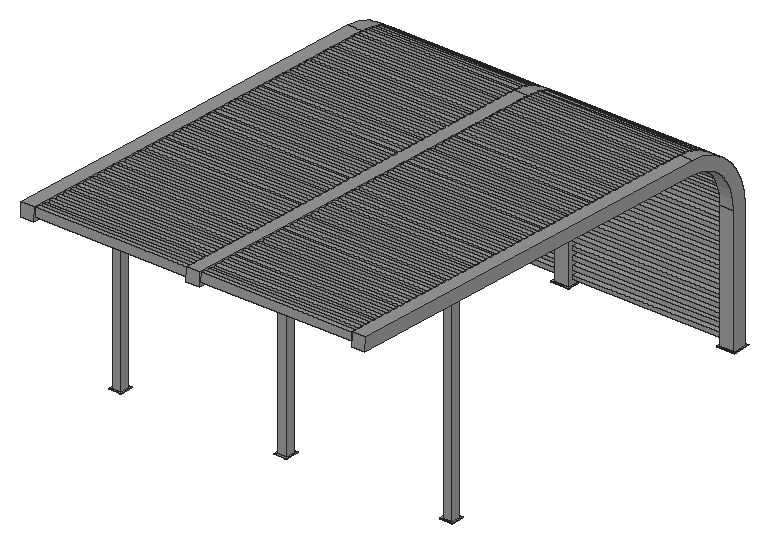
Revit family "55330 Пергола «Гарда» Хоббика", category Антураж, Revit 2018
Family settings
  На основе рабочей плоскости = Нет
  Всегда вертикально = Да
  При загрузке вырезать с полостями = Нет
  Источник визуального образа = Геометрия семейства
  Общий = Нет
  Точка расчета площади = Нет
Parameters (values of type "Версия Лиственница")
  Ширина = 5500 mm  # constant formula
  Цвет отделки = Лиственница
  Цвет каркаса = Сталь
  Описание = if(Версия Сосна, "Пергола «Гарда» Версия Сосна", "Пергола «Гарда» Версия Лиственница")  # "Пергола «Гарда» Версия Лиственница"
  Материал изделия = "Сталь, дерево"  # constant formula
  Изображение типоразмера = Пергола «Гарда» Арт 55330.jpg
  Изготовитель = "ООО «Хоббика»"  # constant formula
  Длина = 4000 mm  # constant formula
  Группа модели = "Перголы"  # constant formula
  Высота = 2500 mm  # constant formula
  Версия Сосна = no
  Версия Лиственница = not(Версия Сосна)  # yes
  Артикул товара = "Арт. 55330"  # constant formula
  URL = "https://hobbyka.ru/product/pergola_garda/"
Types (3, lengths in mm): name | Цвет отделки | Описание | Версия Сосна | Версия Лиственница
  (no name) | Лиственница | "Пергола «Гарда» Версия Лиственница" | no | yes
  Версия Сосна | Сосна | "Пергола «Гарда» Версия Сосна" | yes | no
  Версия Лиственница | Лиственница | "Пергола «Гарда» Версия Лиственница" | no | yes
Reference planes
  plane 1 "По центру (Вперед/Назад)": y = 0
  plane 2: z = 0
  plane 3 "По центру (Влево/Вправо)": x = 0
  plane 4: x = 4000
  plane 5: y = 5500
  plane 6: z = 2500
Forms (mm)
  Extrusion 1, solid, material "Сталь"
    sketch origin (0, 0, 0) x (0, 1, 0) y (0, 0, 1)
      loop
        line (5500, 0) -> (5500, 1466.82)
        arc (5500, 1466.82) -> (5284.419, 2007.178) -> (4756.084, 2250.744) r 785
        line (4756.084, 2250.744) -> (7.85, 2499.589) -> (0, 2349.794) -> (4748.233, 2100.95)
        arc (4748.233, 2100.95) -> (5175.613, 1903.925) -> (5350, 1466.82) r 635
        line (5350, 1466.82) -> (5350, 0) -> (5500, 0)
    from 0 to 160
  Extrusion 2, solid, material "Сталь"
    sketch origin (0, 0, 0) x (0, 1, 0) y (0, 0, 1)
      loop
        line (5500, 0) -> (5500, 1466.82)
        arc (5500, 1466.82) -> (5284.419, 2007.178) -> (4756.084, 2250.744) r 785
        line (4756.084, 2250.744) -> (7.85, 2499.589) -> (0, 2349.794) -> (4748.233, 2100.95)
        arc (4748.233, 2100.95) -> (5175.613, 1903.925) -> (5350, 1466.82) r 635
        line (5350, 1466.82) -> (5350, 0) -> (5500, 0)
    from 3840 to 4000
  Extrusion 3, solid, material "Сталь"
    sketch origin (0, 0, 0) x (0, 1, 0) y (0, 0, 1)
      loop
        line (5500, 0) -> (5500, 1466.82)
        arc (5500, 1466.82) -> (5284.419, 2007.178) -> (4756.084, 2250.744) r 785
        line (4756.084, 2250.744) -> (7.85, 2499.589) -> (0, 2349.794) -> (4748.233, 2100.95)
        arc (4748.233, 2100.95) -> (5175.613, 1903.925) -> (5350, 1466.82) r 635
        line (5350, 1466.82) -> (5350, 0) -> (5500, 0)
    from 1920 to 2080
  Extrusion 4, solid, material "Сталь" <- "Цвет каркаса"
    sketch origin (0, 0, 0) x (1, 0, 0) y (0, 1, 0)
      loop
        line (-25, 5525) -> (-25, 5325) -> (185, 5325) -> (185, 5525) -> (-25, 5525)
      loop
        line (1895, 5525) -> (1895, 5325) -> (2105, 5325) -> (2105, 5525) -> (1895, 5525)
      loop
        line (3815, 5525) -> (3815, 5325) -> (4025, 5325) -> (4025, 5525) -> (3815, 5525)
      loop
        line (5, 1425) -> (5, 1275) -> (155, 1275) -> (155, 1425) -> (5, 1425)
      loop
        line (1925, 1425) -> (1925, 1275) -> (2075, 1275) -> (2075, 1425) -> (1925, 1425)
      loop
        line (3845, 1425) -> (3845, 1275) -> (3995, 1275) -> (3995, 1425) -> (3845, 1425)
    from 0 to 5
  Extrusion 5, solid, material "Сталь"
    sketch origin (0, -710, 0) x (1, 0, 0) y (0, 1, 0)
      loop
        line (30, 2110) -> (30, 2010) -> (130, 2010) -> (130, 2110) -> (30, 2110)
      loop
        line (1950, 2110) -> (1950, 2010) -> (2050, 2010) -> (2050, 2110) -> (1950, 2110)
      loop
        line (3870, 2110) -> (3870, 2010) -> (3970, 2010) -> (3970, 2110) -> (3870, 2110)
    from 0 to 2330.228
  Extrusion 6, solid, material "Лиственница" <- "Цвет отделки"
    sketch origin (0, 0, 0) x (0, 1, 0) y (0, 0, 1)
      loop
        line (4756.084, 2250.744) -> (4706.152, 2253.361) -> (4700.919, 2153.498) -> (4750.85, 2150.881) -> (4756.084, 2250.744)
      loop
        arc (4855.344, 2239.173) -> (4830.68, 2243.25) -> (4805.898, 2246.54) r 785
        line (4805.898, 2246.54) -> (4794.319, 2147.212)
        arc (4794.319, 2147.212) -> (4815.943, 2144.342) -> (4837.466, 2140.784) r 685
        line (4837.466, 2140.784) -> (4855.344, 2239.173)
      loop
        line (5500, 1358.792) -> (5500, 1408.792) -> (5400, 1408.792) -> (5400, 1358.792) -> (5500, 1358.792)
      loop
        line (4656.221, 2255.978) -> (4606.289, 2258.595) -> (4601.056, 2158.732) -> (4650.987, 2156.115) -> (4656.221, 2255.978)
      loop
        line (4556.358, 2261.211) -> (4506.426, 2263.828) -> (4501.193, 2163.965) -> (4551.124, 2161.348) -> (4556.358, 2261.211)
      loop
        line (4456.495, 2266.445) -> (4406.563, 2269.062) -> (4401.33, 2169.199) -> (4451.261, 2166.582) -> (4456.495, 2266.445)
      loop
        line (4356.632, 2271.679) -> (4306.7, 2274.295) -> (4301.467, 2174.432) -> (4351.398, 2171.816) -> (4356.632, 2271.679)
      loop
        line (4256.769, 2276.912) -> (4206.837, 2279.529) -> (4201.604, 2179.666) -> (4251.535, 2177.049) -> (4256.769, 2276.912)
      loop
        line (4156.906, 2282.146) -> (4106.975, 2284.763) -> (4101.741, 2184.9) -> (4151.672, 2182.283) -> (4156.906, 2282.146)
      loop
        line (4057.043, 2287.379) -> (4007.112, 2289.996) -> (4001.878, 2190.133) -> (4051.809, 2187.516) -> (4057.043, 2287.379)
      loop
        line (3957.18, 2292.613) -> (3907.249, 2295.23) -> (3902.015, 2195.367) -> (3951.947, 2192.75) -> (3957.18, 2292.613)
      loop
        line (3857.317, 2297.847) -> (3807.386, 2300.463) -> (3802.152, 2200.6) -> (3852.084, 2197.984) -> (3857.317, 2297.847)
      loop
        line (3757.454, 2303.08) -> (3707.523, 2305.697) -> (3702.289, 2205.834) -> (3752.221, 2203.217) -> (3757.454, 2303.08)
      loop
        line (3657.591, 2308.314) -> (3607.66, 2310.931) -> (3602.426, 2211.068) -> (3652.358, 2208.451) -> (3657.591, 2308.314)
      loop
        line (3557.728, 2313.547) -> (3507.797, 2316.164) -> (3502.563, 2216.301) -> (3552.495, 2213.684) -> (3557.728, 2313.547)
      loop
        line (3457.865, 2318.781) -> (3407.934, 2321.398) -> (3402.7, 2221.535) -> (3452.632, 2218.918) -> (3457.865, 2318.781)
      loop
        line (3358.002, 2324.015) -> (3308.071, 2326.631) -> (3302.837, 2226.768) -> (3352.769, 2224.152) -> (3358.002, 2324.015)
      loop
        line (3258.139, 2329.248) -> (3208.208, 2331.865) -> (3202.974, 2232.002) -> (3252.906, 2229.385) -> (3258.139, 2329.248)
      loop
        line (3158.276, 2334.482) -> (3108.345, 2337.099) -> (3103.111, 2237.236) -> (3153.043, 2234.619) -> (3158.276, 2334.482)
      loop
        line (3058.414, 2339.715) -> (3008.482, 2342.332) -> (3003.248, 2242.469) -> (3053.18, 2239.852) -> (3058.414, 2339.715)
      loop
        line (2958.551, 2344.949) -> (2908.619, 2347.566) -> (2903.385, 2247.703) -> (2953.317, 2245.086) -> (2958.551, 2344.949)
      loop
        line (2858.688, 2350.183) -> (2808.756, 2352.799) -> (2803.523, 2252.936) -> (2853.454, 2250.32) -> (2858.688, 2350.183)
      loop
        line (2758.825, 2355.416) -> (2708.893, 2358.033) -> (2703.66, 2258.17) -> (2753.591, 2255.553) -> (2758.825, 2355.416)
      loop
        line (2658.962, 2360.65) -> (2609.03, 2363.267) -> (2603.797, 2263.404) -> (2653.728, 2260.787) -> (2658.962, 2360.65)
      loop
        line (2559.099, 2365.883) -> (2509.167, 2368.5) -> (2503.934, 2268.637) -> (2553.865, 2266.02) -> (2559.099, 2365.883)
      loop
        line (2459.236, 2371.117) -> (2409.304, 2373.734) -> (2404.071, 2273.871) -> (2454.002, 2271.254) -> (2459.236, 2371.117)
      loop
        line (2359.373, 2376.351) -> (2309.441, 2378.967) -> (2304.208, 2279.104) -> (2354.139, 2276.488) -> (2359.373, 2376.351)
      loop
        line (2259.51, 2381.584) -> (2209.578, 2384.201) -> (2204.345, 2284.338) -> (2254.276, 2281.721) -> (2259.51, 2381.584)
      loop
        line (2159.647, 2386.818) -> (2109.715, 2389.434) -> (2104.482, 2289.572) -> (2154.413, 2286.955) -> (2159.647, 2386.818)
      loop
        line (2059.784, 2392.051) -> (2009.853, 2394.668) -> (2004.619, 2294.805) -> (2054.55, 2292.188) -> (2059.784, 2392.051)
      loop
        line (1959.921, 2397.285) -> (1909.99, 2399.902) -> (1904.756, 2300.039) -> (1954.687, 2297.422) -> (1959.921, 2397.285)
      loop
        line (1860.058, 2402.518) -> (1810.127, 2405.135) -> (1804.893, 2305.272) -> (1854.824, 2302.656) -> (1860.058, 2402.518)
      loop
        line (1760.195, 2407.752) -> (1710.264, 2410.369) -> (1705.03, 2310.506) -> (1754.962, 2307.889) -> (1760.195, 2407.752)
      loop
        line (1660.332, 2412.986) -> (1610.401, 2415.602) -> (1605.167, 2315.74) -> (1655.099, 2313.123) -> (1660.332, 2412.986)
      loop
        line (1560.469, 2418.219) -> (1510.538, 2420.836) -> (1505.304, 2320.973) -> (1555.236, 2318.356) -> (1560.469, 2418.219)
      loop
        line (1460.606, 2423.453) -> (1410.675, 2426.07) -> (1405.441, 2326.207) -> (1455.373, 2323.59) -> (1460.606, 2423.453)
      loop
        line (1360.743, 2428.686) -> (1310.812, 2431.303) -> (1305.578, 2331.44) -> (1355.51, 2328.824) -> (1360.743, 2428.686)
      loop
        line (1260.88, 2433.92) -> (1210.949, 2436.537) -> (1205.715, 2336.674) -> (1255.647, 2334.057) -> (1260.88, 2433.92)
      loop
        line (1161.017, 2439.154) -> (1111.086, 2441.77) -> (1105.852, 2341.908) -> (1155.784, 2339.291) -> (1161.017, 2439.154)
      loop
        line (1061.154, 2444.387) -> (1011.223, 2447.004) -> (1005.989, 2347.141) -> (1055.921, 2344.524) -> (1061.154, 2444.387)
      loop
        line (961.291, 2449.621) -> (911.36, 2452.238) -> (906.126, 2352.375) -> (956.058, 2349.758) -> (961.291, 2449.621)
      loop
        line (861.429, 2454.854) -> (811.497, 2457.471) -> (806.263, 2357.608) -> (856.195, 2354.991) -> (861.429, 2454.854)
      loop
        line (761.566, 2460.088) -> (711.634, 2462.705) -> (706.401, 2362.842) -> (756.332, 2360.225) -> (761.566, 2460.088)
      loop
        line (661.703, 2465.322) -> (611.771, 2467.938) -> (606.538, 2368.075) -> (656.469, 2365.459) -> (661.703, 2465.322)
      loop
        line (561.84, 2470.555) -> (511.908, 2473.172) -> (506.675, 2373.309) -> (556.606, 2370.692) -> (561.84, 2470.555)
      loop
        line (461.977, 2475.789) -> (412.045, 2478.406) -> (406.812, 2378.543) -> (456.743, 2375.926) -> (461.977, 2475.789)
      loop
        line (362.114, 2481.022) -> (312.182, 2483.639) -> (306.949, 2383.776) -> (356.88, 2381.159) -> (362.114, 2481.022)
      loop
        line (262.251, 2486.256) -> (212.319, 2488.873) -> (207.086, 2389.01) -> (257.017, 2386.393) -> (262.251, 2486.256)
      loop
        line (162.388, 2491.49) -> (112.456, 2494.106) -> (107.223, 2394.243) -> (157.154, 2391.627) -> (162.388, 2491.49)
      loop
        line (62.525, 2496.723) -> (12.593, 2499.34) -> (7.36, 2399.477) -> (57.291, 2396.86) -> (62.525, 2496.723)
      loop
        line (5500, 1258.792) -> (5500, 1308.792) -> (5400, 1308.792) -> (5400, 1258.792) -> (5500, 1258.792)
      loop
        line (5500, 1158.792) -> (5500, 1208.792) -> (5400, 1208.792) -> (5400, 1158.792) -> (5500, 1158.792)
      loop
        line (5500, 1058.792) -> (5500, 1108.792) -> (5400, 1108.792) -> (5400, 1058.792) -> (5500, 1058.792)
      loop
        line (5500, 958.792) -> (5500, 1008.792) -> (5400, 1008.792) -> (5400, 958.792) -> (5500, 958.792)
      loop
        line (5500, 858.792) -> (5500, 908.792) -> (5400, 908.792) -> (5400, 858.792) -> (5500, 858.792)
      loop
        line (5500, 758.792) -> (5500, 808.792) -> (5400, 808.792) -> (5400, 758.792) -> (5500, 758.792)
      loop
        line (5500, 658.792) -> (5500, 708.792) -> (5400, 708.792) -> (5400, 658.792) -> (5500, 658.792)
      loop
        line (5500, 558.792) -> (5500, 608.792) -> (5400, 608.792) -> (5400, 558.792) -> (5500, 558.792)
      loop
        line (5500, 458.792) -> (5500, 508.792) -> (5400, 508.792) -> (5400, 458.792) -> (5500, 458.792)
      loop
        line (5500, 358.792) -> (5500, 408.792) -> (5400, 408.792) -> (5400, 358.792) -> (5500, 358.792)
      loop
        line (5500, 258.792) -> (5500, 308.792) -> (5400, 308.792) -> (5400, 258.792) -> (5500, 258.792)
      loop
        line (5500, 158.792) -> (5500, 208.792) -> (5400, 208.792) -> (5400, 158.792) -> (5500, 158.792)
      loop
        line (5500, 58.792) -> (5500, 108.792) -> (5400, 108.792) -> (5400, 58.792) -> (5500, 58.792)
      loop
        arc (4952.33, 2215.084) -> (4928.383, 2222.262) -> (4904.22, 2228.673) r 785
        line (4904.22, 2228.673) -> (4880.116, 2131.622)
        arc (4880.116, 2131.622) -> (4901.201, 2126.027) -> (4922.097, 2119.764) r 685
        line (4922.097, 2119.764) -> (4952.33, 2215.084)
      loop
        arc (5045.469, 2178.87) -> (5022.629, 2189.032) -> (4999.476, 2198.461) r 785
        line (4999.476, 2198.461) -> (4963.237, 2105.258)
        arc (4963.237, 2105.258) -> (4983.44, 2097.03) -> (5003.371, 2088.163) r 685
        line (5003.371, 2088.163) -> (5045.469, 2178.87)
      loop
        arc (5133.253, 2131.116) -> (5111.889, 2144.097) -> (5090.122, 2156.391) r 785
        line (5090.122, 2156.391) -> (5042.336, 2068.548)
        arc (5042.336, 2068.548) -> (5061.33, 2057.82) -> (5079.973, 2046.492) r 685
        line (5079.973, 2046.492) -> (5133.253, 2131.116)
      loop
        arc (5214.259, 2072.597) -> (5194.717, 2088.187) -> (5174.689, 2103.147) r 785
        line (5174.689, 2103.147) -> (5116.129, 2022.086)
        arc (5116.129, 2022.086) -> (5133.607, 2009.032) -> (5150.659, 1995.428) r 685
        line (5150.659, 1995.428) -> (5214.259, 2072.597)
      loop
        arc (5287.174, 2004.26) -> (5269.771, 2022.206) -> (5251.805, 2039.59) r 785
        line (5251.805, 2039.59) -> (5183.422, 1966.625)
        arc (5183.422, 1966.625) -> (5199.1, 1951.457) -> (5214.286, 1935.796) r 685
        line (5214.286, 1935.796) -> (5287.174, 2004.26)
      loop
        arc (5350.817, 1927.214) -> (5335.834, 1947.226) -> (5320.223, 1966.75) r 785
        line (5320.223, 1966.75) -> (5243.124, 1903.065)
        arc (5243.124, 1903.065) -> (5256.747, 1886.027) -> (5269.821, 1868.565) r 685
        line (5269.821, 1868.565) -> (5350.817, 1927.214)
      loop
        arc (5404.155, 1842.706) -> (5391.837, 1864.459) -> (5378.832, 1885.809) r 785
        line (5378.832, 1885.809) -> (5294.267, 1832.435)
        arc (5294.267, 1832.435) -> (5305.615, 1813.805) -> (5316.365, 1794.823) r 685
        line (5316.365, 1794.823) -> (5404.155, 1842.706)
      loop
        arc (5446.325, 1752.107) -> (5436.87, 1775.249) -> (5426.683, 1798.078) r 785
        line (5426.683, 1798.078) -> (5336.023, 1755.88)
        arc (5336.023, 1755.88) -> (5344.912, 1735.959) -> (5353.163, 1715.765) r 685
        line (5353.163, 1715.765) -> (5446.325, 1752.107)
      loop
        arc (5476.643, 1656.885) -> (5470.205, 1681.041) -> (5463.001, 1704.979) r 785
        line (5463.001, 1704.979) -> (5367.714, 1674.64)
        arc (5367.714, 1674.64) -> (5374.001, 1653.751) -> (5379.619, 1632.673) r 685
        line (5379.619, 1632.673) -> (5476.643, 1656.885)
      loop
        arc (5494.618, 1558.582) -> (5491.301, 1583.36) -> (5487.197, 1608.02) r 785
        line (5487.197, 1608.02) -> (5388.828, 1590.033)
        arc (5388.828, 1590.033) -> (5392.409, 1568.514) -> (5395.304, 1546.893) r 685
        line (5395.304, 1546.893) -> (5494.618, 1558.582)
      loop
        arc (5499.959, 1458.793) -> (5499.817, 1483.791) -> (5498.878, 1508.773) r 785
        line (5498.878, 1508.773) -> (5399.021, 1503.428)
        arc (5399.021, 1503.428) -> (5399.84, 1481.629) -> (5399.964, 1459.815) r 685
        line (5399.964, 1459.815) -> (5499.959, 1458.793)
    from 160 to 1920
  Extrusion 7, solid, material "Лиственница" <- "Цвет отделки"
    sketch origin (0, 0, 0) x (0, 1, 0) y (0, 0, 1)
      loop
        line (4756.084, 2250.744) -> (4706.152, 2253.361) -> (4700.919, 2153.498) -> (4750.85, 2150.881) -> (4756.084, 2250.744)
      loop
        arc (4855.344, 2239.173) -> (4830.68, 2243.25) -> (4805.898, 2246.54) r 785
        line (4805.898, 2246.54) -> (4794.319, 2147.212)
        arc (4794.319, 2147.212) -> (4815.943, 2144.342) -> (4837.466, 2140.784) r 685
        line (4837.466, 2140.784) -> (4855.344, 2239.173)
      loop
        line (5500, 1358.792) -> (5500, 1408.792) -> (5400, 1408.792) -> (5400, 1358.792) -> (5500, 1358.792)
      loop
        line (4656.221, 2255.978) -> (4606.289, 2258.595) -> (4601.056, 2158.732) -> (4650.987, 2156.115) -> (4656.221, 2255.978)
      loop
        line (4556.358, 2261.211) -> (4506.426, 2263.828) -> (4501.193, 2163.965) -> (4551.124, 2161.348) -> (4556.358, 2261.211)
      loop
        line (4456.495, 2266.445) -> (4406.563, 2269.062) -> (4401.33, 2169.199) -> (4451.261, 2166.582) -> (4456.495, 2266.445)
      loop
        line (4356.632, 2271.679) -> (4306.7, 2274.295) -> (4301.467, 2174.432) -> (4351.398, 2171.816) -> (4356.632, 2271.679)
      loop
        line (4256.769, 2276.912) -> (4206.837, 2279.529) -> (4201.604, 2179.666) -> (4251.535, 2177.049) -> (4256.769, 2276.912)
      loop
        line (4156.906, 2282.146) -> (4106.975, 2284.763) -> (4101.741, 2184.9) -> (4151.672, 2182.283) -> (4156.906, 2282.146)
      loop
        line (4057.043, 2287.379) -> (4007.112, 2289.996) -> (4001.878, 2190.133) -> (4051.809, 2187.516) -> (4057.043, 2287.379)
      loop
        line (3957.18, 2292.613) -> (3907.249, 2295.23) -> (3902.015, 2195.367) -> (3951.947, 2192.75) -> (3957.18, 2292.613)
      loop
        line (3857.317, 2297.847) -> (3807.386, 2300.463) -> (3802.152, 2200.6) -> (3852.084, 2197.984) -> (3857.317, 2297.847)
      loop
        line (3757.454, 2303.08) -> (3707.523, 2305.697) -> (3702.289, 2205.834) -> (3752.221, 2203.217) -> (3757.454, 2303.08)
      loop
        line (3657.591, 2308.314) -> (3607.66, 2310.931) -> (3602.426, 2211.068) -> (3652.358, 2208.451) -> (3657.591, 2308.314)
      loop
        line (3557.728, 2313.547) -> (3507.797, 2316.164) -> (3502.563, 2216.301) -> (3552.495, 2213.684) -> (3557.728, 2313.547)
      loop
        line (3457.865, 2318.781) -> (3407.934, 2321.398) -> (3402.7, 2221.535) -> (3452.632, 2218.918) -> (3457.865, 2318.781)
      loop
        line (3358.002, 2324.015) -> (3308.071, 2326.631) -> (3302.837, 2226.768) -> (3352.769, 2224.152) -> (3358.002, 2324.015)
      loop
        line (3258.139, 2329.248) -> (3208.208, 2331.865) -> (3202.974, 2232.002) -> (3252.906, 2229.385) -> (3258.139, 2329.248)
      loop
        line (3158.276, 2334.482) -> (3108.345, 2337.099) -> (3103.111, 2237.236) -> (3153.043, 2234.619) -> (3158.276, 2334.482)
      loop
        line (3058.414, 2339.715) -> (3008.482, 2342.332) -> (3003.248, 2242.469) -> (3053.18, 2239.852) -> (3058.414, 2339.715)
      loop
        line (2958.551, 2344.949) -> (2908.619, 2347.566) -> (2903.385, 2247.703) -> (2953.317, 2245.086) -> (2958.551, 2344.949)
      loop
        line (2858.688, 2350.183) -> (2808.756, 2352.799) -> (2803.523, 2252.936) -> (2853.454, 2250.32) -> (2858.688, 2350.183)
      loop
        line (2758.825, 2355.416) -> (2708.893, 2358.033) -> (2703.66, 2258.17) -> (2753.591, 2255.553) -> (2758.825, 2355.416)
      loop
        line (2658.962, 2360.65) -> (2609.03, 2363.267) -> (2603.797, 2263.404) -> (2653.728, 2260.787) -> (2658.962, 2360.65)
      loop
        line (2559.099, 2365.883) -> (2509.167, 2368.5) -> (2503.934, 2268.637) -> (2553.865, 2266.02) -> (2559.099, 2365.883)
      loop
        line (2459.236, 2371.117) -> (2409.304, 2373.734) -> (2404.071, 2273.871) -> (2454.002, 2271.254) -> (2459.236, 2371.117)
      loop
        line (2359.373, 2376.351) -> (2309.441, 2378.967) -> (2304.208, 2279.104) -> (2354.139, 2276.488) -> (2359.373, 2376.351)
      loop
        line (2259.51, 2381.584) -> (2209.578, 2384.201) -> (2204.345, 2284.338) -> (2254.276, 2281.721) -> (2259.51, 2381.584)
      loop
        line (2159.647, 2386.818) -> (2109.715, 2389.434) -> (2104.482, 2289.572) -> (2154.413, 2286.955) -> (2159.647, 2386.818)
      loop
        line (2059.784, 2392.051) -> (2009.853, 2394.668) -> (2004.619, 2294.805) -> (2054.55, 2292.188) -> (2059.784, 2392.051)
      loop
        line (1959.921, 2397.285) -> (1909.99, 2399.902) -> (1904.756, 2300.039) -> (1954.687, 2297.422) -> (1959.921, 2397.285)
      loop
        line (1860.058, 2402.518) -> (1810.127, 2405.135) -> (1804.893, 2305.272) -> (1854.824, 2302.656) -> (1860.058, 2402.518)
      loop
        line (1760.195, 2407.752) -> (1710.264, 2410.369) -> (1705.03, 2310.506) -> (1754.962, 2307.889) -> (1760.195, 2407.752)
      loop
        line (1660.332, 2412.986) -> (1610.401, 2415.602) -> (1605.167, 2315.74) -> (1655.099, 2313.123) -> (1660.332, 2412.986)
      loop
        line (1560.469, 2418.219) -> (1510.538, 2420.836) -> (1505.304, 2320.973) -> (1555.236, 2318.356) -> (1560.469, 2418.219)
      loop
        line (1460.606, 2423.453) -> (1410.675, 2426.07) -> (1405.441, 2326.207) -> (1455.373, 2323.59) -> (1460.606, 2423.453)
      loop
        line (1360.743, 2428.686) -> (1310.812, 2431.303) -> (1305.578, 2331.44) -> (1355.51, 2328.824) -> (1360.743, 2428.686)
      loop
        line (1260.88, 2433.92) -> (1210.949, 2436.537) -> (1205.715, 2336.674) -> (1255.647, 2334.057) -> (1260.88, 2433.92)
      loop
        line (1161.017, 2439.154) -> (1111.086, 2441.77) -> (1105.852, 2341.908) -> (1155.784, 2339.291) -> (1161.017, 2439.154)
      loop
        line (1061.154, 2444.387) -> (1011.223, 2447.004) -> (1005.989, 2347.141) -> (1055.921, 2344.524) -> (1061.154, 2444.387)
      loop
        line (961.291, 2449.621) -> (911.36, 2452.238) -> (906.126, 2352.375) -> (956.058, 2349.758) -> (961.291, 2449.621)
      loop
        line (861.429, 2454.854) -> (811.497, 2457.471) -> (806.263, 2357.608) -> (856.195, 2354.991) -> (861.429, 2454.854)
      loop
        line (761.566, 2460.088) -> (711.634, 2462.705) -> (706.401, 2362.842) -> (756.332, 2360.225) -> (761.566, 2460.088)
      loop
        line (661.703, 2465.322) -> (611.771, 2467.938) -> (606.538, 2368.075) -> (656.469, 2365.459) -> (661.703, 2465.322)
      loop
        line (561.84, 2470.555) -> (511.908, 2473.172) -> (506.675, 2373.309) -> (556.606, 2370.692) -> (561.84, 2470.555)
      loop
        line (461.977, 2475.789) -> (412.045, 2478.406) -> (406.812, 2378.543) -> (456.743, 2375.926) -> (461.977, 2475.789)
      loop
        line (362.114, 2481.022) -> (312.182, 2483.639) -> (306.949, 2383.776) -> (356.88, 2381.159) -> (362.114, 2481.022)
      loop
        line (262.251, 2486.256) -> (212.319, 2488.873) -> (207.086, 2389.01) -> (257.017, 2386.393) -> (262.251, 2486.256)
      loop
        line (162.388, 2491.49) -> (112.456, 2494.106) -> (107.223, 2394.243) -> (157.154, 2391.627) -> (162.388, 2491.49)
      loop
        line (62.525, 2496.723) -> (12.593, 2499.34) -> (7.36, 2399.477) -> (57.291, 2396.86) -> (62.525, 2496.723)
      loop
        line (5500, 1258.792) -> (5500, 1308.792) -> (5400, 1308.792) -> (5400, 1258.792) -> (5500, 1258.792)
      loop
        line (5500, 1158.792) -> (5500, 1208.792) -> (5400, 1208.792) -> (5400, 1158.792) -> (5500, 1158.792)
      loop
        line (5500, 1058.792) -> (5500, 1108.792) -> (5400, 1108.792) -> (5400, 1058.792) -> (5500, 1058.792)
      loop
        line (5500, 958.792) -> (5500, 1008.792) -> (5400, 1008.792) -> (5400, 958.792) -> (5500, 958.792)
      loop
        line (5500, 858.792) -> (5500, 908.792) -> (5400, 908.792) -> (5400, 858.792) -> (5500, 858.792)
      loop
        line (5500, 758.792) -> (5500, 808.792) -> (5400, 808.792) -> (5400, 758.792) -> (5500, 758.792)
      loop
        line (5500, 658.792) -> (5500, 708.792) -> (5400, 708.792) -> (5400, 658.792) -> (5500, 658.792)
      loop
        line (5500, 558.792) -> (5500, 608.792) -> (5400, 608.792) -> (5400, 558.792) -> (5500, 558.792)
      loop
        line (5500, 458.792) -> (5500, 508.792) -> (5400, 508.792) -> (5400, 458.792) -> (5500, 458.792)
      loop
        line (5500, 358.792) -> (5500, 408.792) -> (5400, 408.792) -> (5400, 358.792) -> (5500, 358.792)
      loop
        line (5500, 258.792) -> (5500, 308.792) -> (5400, 308.792) -> (5400, 258.792) -> (5500, 258.792)
      loop
        line (5500, 158.792) -> (5500, 208.792) -> (5400, 208.792) -> (5400, 158.792) -> (5500, 158.792)
      loop
        line (5500, 58.792) -> (5500, 108.792) -> (5400, 108.792) -> (5400, 58.792) -> (5500, 58.792)
      loop
        arc (4952.33, 2215.084) -> (4928.383, 2222.262) -> (4904.22, 2228.673) r 785
        line (4904.22, 2228.673) -> (4880.116, 2131.622)
        arc (4880.116, 2131.622) -> (4901.201, 2126.027) -> (4922.097, 2119.764) r 685
        line (4922.097, 2119.764) -> (4952.33, 2215.084)
      loop
        arc (5045.469, 2178.87) -> (5022.629, 2189.032) -> (4999.476, 2198.461) r 785
        line (4999.476, 2198.461) -> (4963.237, 2105.258)
        arc (4963.237, 2105.258) -> (4983.44, 2097.03) -> (5003.371, 2088.163) r 685
        line (5003.371, 2088.163) -> (5045.469, 2178.87)
      loop
        arc (5133.253, 2131.116) -> (5111.889, 2144.097) -> (5090.122, 2156.391) r 785
        line (5090.122, 2156.391) -> (5042.336, 2068.548)
        arc (5042.336, 2068.548) -> (5061.33, 2057.82) -> (5079.973, 2046.492) r 685
        line (5079.973, 2046.492) -> (5133.253, 2131.116)
      loop
        arc (5214.259, 2072.597) -> (5194.717, 2088.187) -> (5174.689, 2103.147) r 785
        line (5174.689, 2103.147) -> (5116.129, 2022.086)
        arc (5116.129, 2022.086) -> (5133.607, 2009.032) -> (5150.659, 1995.428) r 685
        line (5150.659, 1995.428) -> (5214.259, 2072.597)
      loop
        arc (5287.174, 2004.26) -> (5269.771, 2022.206) -> (5251.805, 2039.59) r 785
        line (5251.805, 2039.59) -> (5183.422, 1966.625)
        arc (5183.422, 1966.625) -> (5199.1, 1951.457) -> (5214.286, 1935.796) r 685
        line (5214.286, 1935.796) -> (5287.174, 2004.26)
      loop
        arc (5350.817, 1927.214) -> (5335.834, 1947.226) -> (5320.223, 1966.75) r 785
        line (5320.223, 1966.75) -> (5243.124, 1903.065)
        arc (5243.124, 1903.065) -> (5256.747, 1886.027) -> (5269.821, 1868.565) r 685
        line (5269.821, 1868.565) -> (5350.817, 1927.214)
      loop
        arc (5404.155, 1842.706) -> (5391.837, 1864.459) -> (5378.832, 1885.809) r 785
        line (5378.832, 1885.809) -> (5294.267, 1832.435)
        arc (5294.267, 1832.435) -> (5305.615, 1813.805) -> (5316.365, 1794.823) r 685
        line (5316.365, 1794.823) -> (5404.155, 1842.706)
      loop
        arc (5446.325, 1752.107) -> (5436.87, 1775.249) -> (5426.683, 1798.078) r 785
        line (5426.683, 1798.078) -> (5336.023, 1755.88)
        arc (5336.023, 1755.88) -> (5344.912, 1735.959) -> (5353.163, 1715.765) r 685
        line (5353.163, 1715.765) -> (5446.325, 1752.107)
      loop
        arc (5476.643, 1656.885) -> (5470.205, 1681.041) -> (5463.001, 1704.979) r 785
        line (5463.001, 1704.979) -> (5367.714, 1674.64)
        arc (5367.714, 1674.64) -> (5374.001, 1653.751) -> (5379.619, 1632.673) r 685
        line (5379.619, 1632.673) -> (5476.643, 1656.885)
      loop
        arc (5494.618, 1558.582) -> (5491.301, 1583.36) -> (5487.197, 1608.02) r 785
        line (5487.197, 1608.02) -> (5388.828, 1590.033)
        arc (5388.828, 1590.033) -> (5392.409, 1568.514) -> (5395.304, 1546.893) r 685
        line (5395.304, 1546.893) -> (5494.618, 1558.582)
      loop
        arc (5499.959, 1458.793) -> (5499.817, 1483.791) -> (5498.878, 1508.773) r 785
        line (5498.878, 1508.773) -> (5399.021, 1503.428)
        arc (5399.021, 1503.428) -> (5399.84, 1481.629) -> (5399.964, 1459.815) r 685
        line (5399.964, 1459.815) -> (5499.959, 1458.793)
    from 2080 to 3840
Cuts and joins
  joined: Extrusion 1, Extrusion 2, Extrusion 3, Extrusion 5
Dimensions and locks
  "Длина": plane 4 to plane 3 "По центру (Влево/Вправо)"
  "Ширина": plane 5 to plane 1 "По центру (Вперед/Назад)"
  "Высота": plane 6 to plane 2
  aligned and locked: level to plane 2
Automatic sketch dimensions
  Extrusion 1 sketch curve to Extrusion 1 sketch curve = 0 mm  (x2)
  Extrusion 1 sketch curve to plane 1 "По центру (Вперед/Назад)" = 0 mm
  level to Extrusion 1 sketch curve = 0 mm
  Extrusion 1 sketch curve to plane 5 = 0 mm
  Extrusion 1 sketch curve to plane 6 = 0.411 mm
  Extrusion 1 sketch curve to plane 1 "По центру (Вперед/Назад)" = 7.85 mm
  Extrusion 1 sketch curve to plane 5 = 785 mm
  Extrusion 1 sketch curve to Extrusion 1 sketch curve = 33.233 mm
  Extrusion 1 sketch curve to plane 6 = 249.256 mm
  Extrusion 1 sketch curve to Extrusion 1 sketch curve = 7.85 mm
  Extrusion 2 sketch curve to Extrusion 2 sketch curve = 0 mm  (x2)
  Extrusion 2 sketch curve to plane 1 "По центру (Вперед/Назад)" = 0 mm
  level to Extrusion 2 sketch curve = 0 mm
  Extrusion 2 sketch curve to plane 5 = 0 mm
  Extrusion 2 sketch curve to plane 6 = 0.411 mm
  Extrusion 2 sketch curve to plane 1 "По центру (Вперед/Назад)" = 7.85 mm
  Extrusion 2 sketch curve to plane 5 = 785 mm
  Extrusion 2 sketch curve to Extrusion 2 sketch curve = 33.233 mm
  Extrusion 2 sketch curve to plane 6 = 249.256 mm
  Extrusion 2 sketch curve to Extrusion 2 sketch curve = 7.85 mm
  Extrusion 3 sketch curve to Extrusion 3 sketch curve = 0 mm  (x2)
  Extrusion 3 sketch curve to plane 1 "По центру (Вперед/Назад)" = 0 mm
  level to Extrusion 3 sketch curve = 0 mm
  Extrusion 3 sketch curve to plane 5 = 0 mm
  Extrusion 3 sketch curve to plane 6 = 0.411 mm
  Extrusion 3 sketch curve to plane 1 "По центру (Вперед/Назад)" = 7.85 mm
  Extrusion 3 sketch curve to plane 5 = 785 mm
  Extrusion 3 sketch curve to Extrusion 3 sketch curve = 33.233 mm
  Extrusion 3 sketch curve to plane 6 = 249.256 mm
  Extrusion 3 sketch curve to Extrusion 3 sketch curve = 7.85 mm
  Extrusion 4 sketch curve to plane 3 "По центру (Влево/Вправо)" = 25 mm
  plane 3 "По центру (Влево/Вправо)" to Extrusion 4 sketch curve = 5 mm
  Extrusion 4 sketch curve to Extrusion 4 sketch curve = 150 mm  (x5)
  plane 5 to Extrusion 4 sketch curve = 25 mm  (x3)
  plane 3 "По центру (Влево/Вправо)" to Extrusion 4 sketch curve = 185 mm
  Extrusion 4 sketch curve to Extrusion 4 sketch curve = 1710 mm
  Extrusion 4 sketch curve to Extrusion 4 sketch curve = 1770 mm
  Extrusion 4 sketch curve to Extrusion 4 sketch curve = 210 mm
  Extrusion 4 sketch curve to plane 4 = 185 mm
  Extrusion 4 sketch curve to plane 4 = 155 mm
  Extrusion 4 sketch curve to plane 4 = 5 mm
  plane 4 to Extrusion 4 sketch curve = 25 mm
  Extrusion 4 sketch curve to plane 5 = 175 mm  (x3)
  Extrusion 4 sketch curve to plane 1 "По центру (Вперед/Назад)" = 1425 mm  (x3)
  plane 3 "По центру (Влево/Вправо)" to Extrusion 5 sketch curve = 30 mm
  Extrusion 5 sketch curve to Extrusion 5 sketch curve = 100 mm  (x5)
  Extrusion 5 sketch curve to Extrusion 5 sketch curve = 1820 mm
  Extrusion 5 sketch curve to plane 4 = 130 mm
  Extrusion 5 sketch curve to plane 4 = 30 mm
  Extrusion 5 sketch curve to plane 1 "По центру (Вперед/Назад)" = 1300 mm  (x3)
  Extrusion 6 sketch curve to Extrusion 6 sketch curve = 0 mm  (x557)
  Extrusion 6 sketch curve to plane 5 = 0 mm  (x14)
  Extrusion 6 sketch curve to plane 5 = 0.041 mm
  Extrusion 6 sketch curve to plane 5 = 1.122 mm
  Extrusion 6 sketch curve to plane 5 = 5.382 mm
  Extrusion 6 sketch curve to plane 5 = 12.803 mm
  Extrusion 6 sketch curve to plane 5 = 23.357 mm
  Extrusion 6 sketch curve to plane 5 = 36.999 mm
  Extrusion 6 sketch curve to Extrusion 6 sketch curve = 16.676 mm
  Extrusion 6 sketch curve to Extrusion 6 sketch curve = 19.642 mm
  Extrusion 6 sketch curve to Extrusion 6 sketch curve = 22.528 mm
  Extrusion 6 sketch curve to plane 5 = 100 mm  (x9)
  Extrusion 6 sketch curve to Extrusion 6 sketch curve = 0.036 mm
  Extrusion 6 sketch curve to Extrusion 6 sketch curve = 0.943 mm
  Extrusion 6 sketch curve to Extrusion 6 sketch curve = 3.717 mm
  Extrusion 6 sketch curve to Extrusion 6 sketch curve = 6.476 mm
  Extrusion 6 sketch curve to Extrusion 6 sketch curve = 9.209 mm
  Extrusion 6 sketch curve to Extrusion 6 sketch curve = 25.323 mm
  Extrusion 6 sketch curve to Extrusion 6 sketch curve = 11.904 mm
  Extrusion 6 sketch curve to Extrusion 6 sketch curve = 14.552 mm
  Extrusion 6 sketch curve to Extrusion 6 sketch curve = 28.015 mm
  Extrusion 6 sketch curve to Extrusion 6 sketch curve = 17.14 mm
  Extrusion 6 sketch curve to Extrusion 6 sketch curve = 30.594 mm
  Extrusion 6 sketch curve to Extrusion 6 sketch curve = 19.658 mm
  Extrusion 6 sketch curve to Extrusion 6 sketch curve = 22.097 mm
  Extrusion 6 sketch curve to Extrusion 6 sketch curve = 33.048 mm
  Extrusion 6 sketch curve to Extrusion 6 sketch curve = 24.446 mm
  Extrusion 6 sketch curve to Extrusion 6 sketch curve = 35.369 mm
  Extrusion 6 sketch curve to Extrusion 6 sketch curve = 26.697 mm
  Extrusion 6 sketch curve to Extrusion 6 sketch curve = 28.838 mm
  Extrusion 6 sketch curve to Extrusion 6 sketch curve = 37.546 mm
  Extrusion 6 sketch curve to Extrusion 6 sketch curve = 30.863 mm
  Extrusion 6 sketch curve to Extrusion 6 sketch curve = 39.571 mm
  Extrusion 6 sketch curve to Extrusion 6 sketch curve = 32.763 mm
  Extrusion 6 sketch curve to Extrusion 6 sketch curve = 41.435 mm
  Extrusion 6 sketch curve to Extrusion 6 sketch curve = 34.53 mm
  Extrusion 6 sketch curve to Extrusion 6 sketch curve = 43.131 mm
  Extrusion 6 sketch curve to Extrusion 6 sketch curve = 36.157 mm
  Extrusion 6 sketch curve to Extrusion 6 sketch curve = 44.653 mm
  Extrusion 6 sketch curve to Extrusion 6 sketch curve = 37.637 mm
  Extrusion 6 sketch curve to Extrusion 6 sketch curve = 38.964 mm
  Extrusion 6 sketch curve to Extrusion 6 sketch curve = 45.993 mm
  Extrusion 6 sketch curve to Extrusion 6 sketch curve = 40.134 mm
  Extrusion 6 sketch curve to plane 6 = 284.916 mm
  Extrusion 6 sketch curve to Extrusion 6 sketch curve = 47.147 mm
  Extrusion 6 sketch curve to Extrusion 6 sketch curve = 41.141 mm
  Extrusion 6 sketch curve to plane 6 = 271.327 mm
  Extrusion 6 sketch curve to Extrusion 6 sketch curve = 48.109 mm
  Extrusion 6 sketch curve to plane 6 = 368.378 mm
  Extrusion 6 sketch curve to Extrusion 6 sketch curve = 41.981 mm
  Extrusion 6 sketch curve to plane 6 = 260.827 mm
  Extrusion 6 sketch curve to Extrusion 6 sketch curve = 48.877 mm
  Extrusion 6 sketch curve to plane 6 = 359.216 mm
  Extrusion 6 sketch curve to Extrusion 6 sketch curve = 42.65 mm
  Extrusion 6 sketch curve to plane 6 = 253.46 mm
  Extrusion 6 sketch curve to Extrusion 6 sketch curve = 49.446 mm
  Extrusion 6 sketch curve to plane 6 = 352.788 mm
  Extrusion 6 sketch curve to Extrusion 6 sketch curve = 49.814 mm
  Extrusion 6 sketch curve to plane 6 = 349.119 mm
  Extrusion 6 sketch curve to Extrusion 6 sketch curve = 43.469 mm
  Extrusion 6 sketch curve to plane 6 = 246.639 mm
  Extrusion 6 sketch curve to Extrusion 6 sketch curve = 49.931 mm  (x96)
  Extrusion 6 sketch curve to plane 6 = 244.022 mm
  Extrusion 6 sketch curve to plane 6 = 343.885 mm
  Extrusion 6 sketch curve to plane 6 = 241.405 mm
  Extrusion 6 sketch curve to plane 6 = 238.789 mm
  Extrusion 6 sketch curve to plane 6 = 338.652 mm
  Extrusion 6 sketch curve to plane 6 = 236.172 mm
  Extrusion 6 sketch curve to plane 6 = 233.555 mm
  Extrusion 6 sketch curve to plane 6 = 333.418 mm
  Extrusion 6 sketch curve to plane 6 = 230.938 mm
  Extrusion 6 sketch curve to plane 6 = 228.321 mm
  Extrusion 6 sketch curve to plane 6 = 328.184 mm
  Extrusion 6 sketch curve to plane 6 = 225.705 mm
  Extrusion 6 sketch curve to plane 6 = 223.088 mm
  Extrusion 6 sketch curve to plane 6 = 322.951 mm
  Extrusion 6 sketch curve to plane 6 = 220.471 mm
  Extrusion 6 sketch curve to plane 6 = 217.854 mm
  Extrusion 6 sketch curve to plane 6 = 317.717 mm
  Extrusion 6 sketch curve to plane 6 = 215.237 mm
  Extrusion 6 sketch curve to plane 6 = 212.621 mm
  Extrusion 6 sketch curve to plane 6 = 312.484 mm
  Extrusion 6 sketch curve to plane 6 = 210.004 mm
  Extrusion 6 sketch curve to plane 6 = 207.387 mm
  Extrusion 6 sketch curve to plane 6 = 307.25 mm
  Extrusion 6 sketch curve to plane 6 = 204.77 mm
  Extrusion 6 sketch curve to plane 6 = 202.153 mm
  Extrusion 6 sketch curve to plane 6 = 302.016 mm
  Extrusion 6 sketch curve to plane 6 = 199.537 mm
  Extrusion 6 sketch curve to plane 6 = 196.92 mm
  Extrusion 6 sketch curve to plane 6 = 296.783 mm
  Extrusion 6 sketch curve to plane 6 = 194.303 mm
  Extrusion 6 sketch curve to plane 6 = 191.686 mm
  Extrusion 6 sketch curve to plane 6 = 291.549 mm
  Extrusion 6 sketch curve to plane 6 = 189.069 mm
  Extrusion 6 sketch curve to plane 6 = 186.453 mm
  Extrusion 6 sketch curve to plane 6 = 286.316 mm
  Extrusion 6 sketch curve to plane 6 = 183.836 mm
  Extrusion 6 sketch curve to plane 6 = 181.219 mm
  Extrusion 6 sketch curve to plane 6 = 281.082 mm
  Extrusion 6 sketch curve to plane 6 = 178.602 mm
  Extrusion 6 sketch curve to plane 6 = 175.985 mm
  Extrusion 6 sketch curve to plane 6 = 275.848 mm
  Extrusion 6 sketch curve to plane 6 = 173.369 mm
  Extrusion 6 sketch curve to plane 6 = 170.752 mm
  Extrusion 6 sketch curve to plane 6 = 270.615 mm
  Extrusion 6 sketch curve to plane 6 = 168.135 mm
  Extrusion 6 sketch curve to plane 6 = 165.518 mm
  Extrusion 6 sketch curve to plane 6 = 265.381 mm
  Extrusion 6 sketch curve to plane 6 = 162.901 mm
  Extrusion 6 sketch curve to plane 6 = 160.285 mm
  Extrusion 6 sketch curve to plane 6 = 260.148 mm
  Extrusion 6 sketch curve to plane 6 = 157.668 mm
  Extrusion 6 sketch curve to plane 6 = 155.051 mm
  Extrusion 6 sketch curve to plane 6 = 254.914 mm
  Extrusion 6 sketch curve to plane 6 = 152.434 mm
  Extrusion 6 sketch curve to plane 6 = 149.817 mm
  Extrusion 6 sketch curve to plane 6 = 249.68 mm
  Extrusion 6 sketch curve to plane 6 = 147.201 mm
  Extrusion 6 sketch curve to plane 6 = 144.584 mm
  Extrusion 6 sketch curve to plane 6 = 244.447 mm
  Extrusion 6 sketch curve to plane 6 = 141.967 mm
  Extrusion 6 sketch curve to plane 6 = 139.35 mm
  Extrusion 6 sketch curve to plane 6 = 239.213 mm
  Extrusion 6 sketch curve to plane 6 = 136.733 mm
  Extrusion 6 sketch curve to plane 6 = 134.117 mm
  Extrusion 6 sketch curve to plane 6 = 233.98 mm
  Extrusion 6 sketch curve to plane 6 = 131.5 mm
  Extrusion 6 sketch curve to plane 6 = 128.883 mm
  Extrusion 6 sketch curve to plane 6 = 228.746 mm
  Extrusion 6 sketch curve to plane 6 = 126.266 mm
  Extrusion 6 sketch curve to plane 6 = 123.649 mm
  Extrusion 6 sketch curve to plane 6 = 223.512 mm
  Extrusion 6 sketch curve to plane 6 = 121.033 mm
  Extrusion 6 sketch curve to plane 6 = 118.416 mm
  Extrusion 6 sketch curve to plane 6 = 218.279 mm
  Extrusion 6 sketch curve to plane 6 = 115.799 mm
  Extrusion 6 sketch curve to plane 6 = 113.182 mm
  Extrusion 6 sketch curve to plane 6 = 213.045 mm
  Extrusion 6 sketch curve to plane 6 = 110.566 mm
  Extrusion 6 sketch curve to plane 6 = 107.949 mm
  Extrusion 6 sketch curve to plane 6 = 207.812 mm
  Extrusion 6 sketch curve to plane 6 = 105.332 mm
  Extrusion 6 sketch curve to plane 6 = 102.715 mm
  Extrusion 6 sketch curve to plane 6 = 202.578 mm
  Extrusion 6 sketch curve to plane 6 = 100.098 mm
  Extrusion 6 sketch curve to plane 6 = 97.482 mm
  Extrusion 6 sketch curve to plane 6 = 197.344 mm
  Extrusion 6 sketch curve to plane 6 = 94.865 mm
  Extrusion 6 sketch curve to plane 6 = 92.248 mm
  Extrusion 6 sketch curve to plane 6 = 192.111 mm
  Extrusion 6 sketch curve to plane 6 = 89.631 mm
  Extrusion 6 sketch curve to plane 6 = 87.014 mm
  Extrusion 6 sketch curve to plane 6 = 186.877 mm
  Extrusion 6 sketch curve to plane 6 = 84.398 mm
  Extrusion 6 sketch curve to plane 6 = 81.781 mm
  Extrusion 6 sketch curve to plane 6 = 181.644 mm
  Extrusion 6 sketch curve to plane 6 = 79.164 mm
  Extrusion 6 sketch curve to plane 6 = 76.547 mm
  Extrusion 6 sketch curve to plane 6 = 176.41 mm
  Extrusion 6 sketch curve to plane 6 = 73.93 mm
  Extrusion 6 sketch curve to plane 6 = 71.314 mm
  Extrusion 6 sketch curve to plane 6 = 171.176 mm
  Extrusion 6 sketch curve to plane 6 = 68.697 mm
  Extrusion 6 sketch curve to plane 6 = 66.08 mm
  Extrusion 6 sketch curve to plane 6 = 165.943 mm
  Extrusion 6 sketch curve to plane 6 = 63.463 mm
  Extrusion 6 sketch curve to plane 6 = 60.846 mm
  Extrusion 6 sketch curve to plane 6 = 160.709 mm
  Extrusion 6 sketch curve to plane 6 = 58.23 mm
  Extrusion 6 sketch curve to plane 6 = 55.613 mm
  Extrusion 6 sketch curve to plane 6 = 155.476 mm
  Extrusion 6 sketch curve to plane 6 = 52.996 mm
  Extrusion 6 sketch curve to plane 6 = 50.379 mm
  Extrusion 6 sketch curve to plane 6 = 150.242 mm
  Extrusion 6 sketch curve to plane 6 = 47.762 mm
  Extrusion 6 sketch curve to plane 6 = 45.146 mm
  Extrusion 6 sketch curve to plane 6 = 145.009 mm
  Extrusion 6 sketch curve to plane 6 = 42.529 mm
  Extrusion 6 sketch curve to plane 6 = 39.912 mm
  Extrusion 6 sketch curve to plane 6 = 139.775 mm
  Extrusion 6 sketch curve to plane 6 = 37.295 mm
  Extrusion 6 sketch curve to plane 6 = 34.678 mm
  Extrusion 6 sketch curve to plane 6 = 134.541 mm
  Extrusion 6 sketch curve to plane 6 = 32.062 mm
  Extrusion 6 sketch curve to plane 6 = 29.445 mm
  Extrusion 6 sketch curve to plane 6 = 129.308 mm
  Extrusion 6 sketch curve to plane 6 = 26.828 mm
  Extrusion 6 sketch curve to plane 6 = 24.211 mm
  Extrusion 6 sketch curve to plane 6 = 124.074 mm
  Extrusion 6 sketch curve to plane 6 = 21.594 mm
  Extrusion 6 sketch curve to plane 6 = 18.978 mm
  Extrusion 6 sketch curve to plane 6 = 118.841 mm
  Extrusion 6 sketch curve to plane 6 = 16.361 mm
  Extrusion 6 sketch curve to plane 6 = 13.744 mm
  Extrusion 6 sketch curve to plane 6 = 113.607 mm
  Extrusion 6 sketch curve to plane 6 = 11.127 mm
  Extrusion 6 sketch curve to plane 6 = 8.51 mm
  Extrusion 6 sketch curve to plane 6 = 5.894 mm
  Extrusion 6 sketch curve to plane 6 = 3.277 mm
  Extrusion 6 sketch curve to plane 6 = 0.66 mm
  Extrusion 6 sketch curve to plane 1 "По центру (Вперед/Назад)" = 12.593 mm
  Extrusion 6 sketch curve to Extrusion 6 sketch curve = 7.005 mm
  Extrusion 6 sketch curve to Extrusion 6 sketch curve = 1.023 mm
  Extrusion 6 sketch curve to Extrusion 6 sketch curve = 50 mm  (x28)
  Extrusion 6 sketch curve to Extrusion 6 sketch curve = 43.465 mm
  Extrusion 6 sketch curve to Extrusion 6 sketch curve = 49.81 mm
  Extrusion 6 sketch curve to Extrusion 6 sketch curve = 42.64 mm
  Extrusion 6 sketch curve to Extrusion 6 sketch curve = 48.865 mm
  Extrusion 6 sketch curve to Extrusion 6 sketch curve = 41.125 mm
  Extrusion 6 sketch curve to Extrusion 6 sketch curve = 47.128 mm
  Extrusion 6 sketch curve to Extrusion 6 sketch curve = 38.943 mm
  Extrusion 6 sketch curve to Extrusion 6 sketch curve = 44.628 mm
  Extrusion 6 sketch curve to Extrusion 6 sketch curve = 36.13 mm
  Extrusion 6 sketch curve to Extrusion 6 sketch curve = 41.404 mm
  Extrusion 6 sketch curve to Extrusion 6 sketch curve = 32.731 mm
  Extrusion 6 sketch curve to Extrusion 6 sketch curve = 28.802 mm
  Extrusion 6 sketch curve to Extrusion 6 sketch curve = 37.509 mm
  Extrusion 6 sketch curve to Extrusion 6 sketch curve = 24.406 mm
  Extrusion 6 sketch curve to Extrusion 6 sketch curve = 33.007 mm
  Extrusion 6 sketch curve to Extrusion 6 sketch curve = 19.615 mm
  Extrusion 6 sketch curve to Extrusion 6 sketch curve = 27.969 mm
  Extrusion 6 sketch curve to Extrusion 6 sketch curve = 22.479 mm
  Extrusion 7 sketch curve to Extrusion 7 sketch curve = 0 mm  (x557)
  Extrusion 7 sketch curve to plane 5 = 0 mm  (x14)
  Extrusion 7 sketch curve to plane 5 = 0.041 mm
  Extrusion 7 sketch curve to plane 5 = 1.122 mm
  Extrusion 7 sketch curve to plane 5 = 5.382 mm
  Extrusion 7 sketch curve to plane 5 = 12.803 mm
  Extrusion 7 sketch curve to plane 5 = 23.357 mm
  Extrusion 7 sketch curve to plane 5 = 36.999 mm
  Extrusion 7 sketch curve to Extrusion 7 sketch curve = 16.676 mm
  Extrusion 7 sketch curve to Extrusion 7 sketch curve = 19.642 mm
  Extrusion 7 sketch curve to Extrusion 7 sketch curve = 22.528 mm
  Extrusion 7 sketch curve to plane 5 = 100 mm  (x9)
  Extrusion 7 sketch curve to Extrusion 7 sketch curve = 0.036 mm
  Extrusion 7 sketch curve to Extrusion 7 sketch curve = 0.943 mm
  Extrusion 7 sketch curve to Extrusion 7 sketch curve = 3.717 mm
  Extrusion 7 sketch curve to Extrusion 7 sketch curve = 6.476 mm
  Extrusion 7 sketch curve to Extrusion 7 sketch curve = 9.209 mm
  Extrusion 7 sketch curve to Extrusion 7 sketch curve = 25.323 mm
  Extrusion 7 sketch curve to Extrusion 7 sketch curve = 11.904 mm
  Extrusion 7 sketch curve to Extrusion 7 sketch curve = 14.552 mm
  Extrusion 7 sketch curve to Extrusion 7 sketch curve = 28.015 mm
  Extrusion 7 sketch curve to Extrusion 7 sketch curve = 17.14 mm
  Extrusion 7 sketch curve to Extrusion 7 sketch curve = 30.594 mm
  Extrusion 7 sketch curve to Extrusion 7 sketch curve = 19.658 mm
  Extrusion 7 sketch curve to Extrusion 7 sketch curve = 22.097 mm
  Extrusion 7 sketch curve to Extrusion 7 sketch curve = 33.048 mm
  Extrusion 7 sketch curve to Extrusion 7 sketch curve = 24.446 mm
  Extrusion 7 sketch curve to Extrusion 7 sketch curve = 35.369 mm
  Extrusion 7 sketch curve to Extrusion 7 sketch curve = 26.697 mm
  Extrusion 7 sketch curve to Extrusion 7 sketch curve = 28.838 mm
  Extrusion 7 sketch curve to Extrusion 7 sketch curve = 37.546 mm
  Extrusion 7 sketch curve to Extrusion 7 sketch curve = 30.863 mm
  Extrusion 7 sketch curve to Extrusion 7 sketch curve = 39.571 mm
  Extrusion 7 sketch curve to Extrusion 7 sketch curve = 32.763 mm
  Extrusion 7 sketch curve to Extrusion 7 sketch curve = 41.435 mm
  Extrusion 7 sketch curve to Extrusion 7 sketch curve = 34.53 mm
  Extrusion 7 sketch curve to Extrusion 7 sketch curve = 43.131 mm
  Extrusion 7 sketch curve to Extrusion 7 sketch curve = 36.157 mm
  Extrusion 7 sketch curve to Extrusion 7 sketch curve = 44.653 mm
  Extrusion 7 sketch curve to Extrusion 7 sketch curve = 37.637 mm
  Extrusion 7 sketch curve to Extrusion 7 sketch curve = 38.964 mm
  Extrusion 7 sketch curve to Extrusion 7 sketch curve = 45.993 mm
  Extrusion 7 sketch curve to Extrusion 7 sketch curve = 40.134 mm
  Extrusion 7 sketch curve to plane 6 = 284.916 mm
  Extrusion 7 sketch curve to Extrusion 7 sketch curve = 47.147 mm
  Extrusion 7 sketch curve to Extrusion 7 sketch curve = 41.141 mm
  Extrusion 7 sketch curve to plane 6 = 271.327 mm
  Extrusion 7 sketch curve to Extrusion 7 sketch curve = 48.109 mm
  Extrusion 7 sketch curve to plane 6 = 368.378 mm
  Extrusion 7 sketch curve to Extrusion 7 sketch curve = 41.981 mm
  Extrusion 7 sketch curve to plane 6 = 260.827 mm
  Extrusion 7 sketch curve to Extrusion 7 sketch curve = 48.877 mm
  Extrusion 7 sketch curve to plane 6 = 359.216 mm
  Extrusion 7 sketch curve to Extrusion 7 sketch curve = 42.65 mm
  Extrusion 7 sketch curve to plane 6 = 253.46 mm
  Extrusion 7 sketch curve to Extrusion 7 sketch curve = 49.446 mm
  Extrusion 7 sketch curve to plane 6 = 352.788 mm
  Extrusion 7 sketch curve to Extrusion 7 sketch curve = 49.814 mm
  Extrusion 7 sketch curve to plane 6 = 349.119 mm
  Extrusion 7 sketch curve to Extrusion 7 sketch curve = 43.469 mm
  Extrusion 7 sketch curve to plane 6 = 246.639 mm
  Extrusion 7 sketch curve to Extrusion 7 sketch curve = 49.931 mm  (x96)
  Extrusion 7 sketch curve to plane 6 = 244.022 mm
  Extrusion 7 sketch curve to plane 6 = 343.885 mm
  Extrusion 7 sketch curve to plane 6 = 241.405 mm
  Extrusion 7 sketch curve to plane 6 = 238.789 mm
  Extrusion 7 sketch curve to plane 6 = 338.652 mm
  Extrusion 7 sketch curve to plane 6 = 236.172 mm
  Extrusion 7 sketch curve to plane 6 = 233.555 mm
  Extrusion 7 sketch curve to plane 6 = 333.418 mm
  Extrusion 7 sketch curve to plane 6 = 230.938 mm
  Extrusion 7 sketch curve to plane 6 = 228.321 mm
  Extrusion 7 sketch curve to plane 6 = 328.184 mm
  Extrusion 7 sketch curve to plane 6 = 225.705 mm
  Extrusion 7 sketch curve to plane 6 = 223.088 mm
  Extrusion 7 sketch curve to plane 6 = 322.951 mm
  Extrusion 7 sketch curve to plane 6 = 220.471 mm
  Extrusion 7 sketch curve to plane 6 = 217.854 mm
  Extrusion 7 sketch curve to plane 6 = 317.717 mm
  Extrusion 7 sketch curve to plane 6 = 215.237 mm
  Extrusion 7 sketch curve to plane 6 = 212.621 mm
  Extrusion 7 sketch curve to plane 6 = 312.484 mm
  Extrusion 7 sketch curve to plane 6 = 210.004 mm
  Extrusion 7 sketch curve to plane 6 = 207.387 mm
  Extrusion 7 sketch curve to plane 6 = 307.25 mm
  Extrusion 7 sketch curve to plane 6 = 204.77 mm
  Extrusion 7 sketch curve to plane 6 = 202.153 mm
  Extrusion 7 sketch curve to plane 6 = 302.016 mm
  Extrusion 7 sketch curve to plane 6 = 199.537 mm
  Extrusion 7 sketch curve to plane 6 = 196.92 mm
  Extrusion 7 sketch curve to plane 6 = 296.783 mm
  Extrusion 7 sketch curve to plane 6 = 194.303 mm
  Extrusion 7 sketch curve to plane 6 = 191.686 mm
  Extrusion 7 sketch curve to plane 6 = 291.549 mm
  Extrusion 7 sketch curve to plane 6 = 189.069 mm
  Extrusion 7 sketch curve to plane 6 = 186.453 mm
  Extrusion 7 sketch curve to plane 6 = 286.316 mm
  Extrusion 7 sketch curve to plane 6 = 183.836 mm
  Extrusion 7 sketch curve to plane 6 = 181.219 mm
  Extrusion 7 sketch curve to plane 6 = 281.082 mm
  Extrusion 7 sketch curve to plane 6 = 178.602 mm
  Extrusion 7 sketch curve to plane 6 = 175.985 mm
  Extrusion 7 sketch curve to plane 6 = 275.848 mm
  Extrusion 7 sketch curve to plane 6 = 173.369 mm
  Extrusion 7 sketch curve to plane 6 = 170.752 mm
  Extrusion 7 sketch curve to plane 6 = 270.615 mm
  Extrusion 7 sketch curve to plane 6 = 168.135 mm
  Extrusion 7 sketch curve to plane 6 = 165.518 mm
  Extrusion 7 sketch curve to plane 6 = 265.381 mm
  Extrusion 7 sketch curve to plane 6 = 162.901 mm
  Extrusion 7 sketch curve to plane 6 = 160.285 mm
  Extrusion 7 sketch curve to plane 6 = 260.148 mm
  Extrusion 7 sketch curve to plane 6 = 157.668 mm
  Extrusion 7 sketch curve to plane 6 = 155.051 mm
  Extrusion 7 sketch curve to plane 6 = 254.914 mm
  Extrusion 7 sketch curve to plane 6 = 152.434 mm
  Extrusion 7 sketch curve to plane 6 = 149.817 mm
  Extrusion 7 sketch curve to plane 6 = 249.68 mm
  Extrusion 7 sketch curve to plane 6 = 147.201 mm
  Extrusion 7 sketch curve to plane 6 = 144.584 mm
  Extrusion 7 sketch curve to plane 6 = 244.447 mm
  Extrusion 7 sketch curve to plane 6 = 141.967 mm
  Extrusion 7 sketch curve to plane 6 = 139.35 mm
  Extrusion 7 sketch curve to plane 6 = 239.213 mm
  Extrusion 7 sketch curve to plane 6 = 136.733 mm
  Extrusion 7 sketch curve to plane 6 = 134.117 mm
  Extrusion 7 sketch curve to plane 6 = 233.98 mm
  Extrusion 7 sketch curve to plane 6 = 131.5 mm
  Extrusion 7 sketch curve to plane 6 = 128.883 mm
  Extrusion 7 sketch curve to plane 6 = 228.746 mm
  Extrusion 7 sketch curve to plane 6 = 126.266 mm
  Extrusion 7 sketch curve to plane 6 = 123.649 mm
  Extrusion 7 sketch curve to plane 6 = 223.512 mm
  Extrusion 7 sketch curve to plane 6 = 121.033 mm
  Extrusion 7 sketch curve to plane 6 = 118.416 mm
  Extrusion 7 sketch curve to plane 6 = 218.279 mm
  Extrusion 7 sketch curve to plane 6 = 115.799 mm
  Extrusion 7 sketch curve to plane 6 = 113.182 mm
  Extrusion 7 sketch curve to plane 6 = 213.045 mm
  Extrusion 7 sketch curve to plane 6 = 110.566 mm
  Extrusion 7 sketch curve to plane 6 = 107.949 mm
  Extrusion 7 sketch curve to plane 6 = 207.812 mm
  Extrusion 7 sketch curve to plane 6 = 105.332 mm
  Extrusion 7 sketch curve to plane 6 = 102.715 mm
  Extrusion 7 sketch curve to plane 6 = 202.578 mm
  Extrusion 7 sketch curve to plane 6 = 100.098 mm
  Extrusion 7 sketch curve to plane 6 = 97.482 mm
  Extrusion 7 sketch curve to plane 6 = 197.344 mm
  Extrusion 7 sketch curve to plane 6 = 94.865 mm
  Extrusion 7 sketch curve to plane 6 = 92.248 mm
  Extrusion 7 sketch curve to plane 6 = 192.111 mm
  Extrusion 7 sketch curve to plane 6 = 89.631 mm
  Extrusion 7 sketch curve to plane 6 = 87.014 mm
  Extrusion 7 sketch curve to plane 6 = 186.877 mm
  Extrusion 7 sketch curve to plane 6 = 84.398 mm
  Extrusion 7 sketch curve to plane 6 = 81.781 mm
  Extrusion 7 sketch curve to plane 6 = 181.644 mm
  Extrusion 7 sketch curve to plane 6 = 79.164 mm
  Extrusion 7 sketch curve to plane 6 = 76.547 mm
  Extrusion 7 sketch curve to plane 6 = 176.41 mm
  Extrusion 7 sketch curve to plane 6 = 73.93 mm
  Extrusion 7 sketch curve to plane 6 = 71.314 mm
  Extrusion 7 sketch curve to plane 6 = 171.176 mm
  Extrusion 7 sketch curve to plane 6 = 68.697 mm
  Extrusion 7 sketch curve to plane 6 = 66.08 mm
  Extrusion 7 sketch curve to plane 6 = 165.943 mm
  Extrusion 7 sketch curve to plane 6 = 63.463 mm
  Extrusion 7 sketch curve to plane 6 = 60.846 mm
  Extrusion 7 sketch curve to plane 6 = 160.709 mm
  Extrusion 7 sketch curve to plane 6 = 58.23 mm
  Extrusion 7 sketch curve to plane 6 = 55.613 mm
  Extrusion 7 sketch curve to plane 6 = 155.476 mm
  Extrusion 7 sketch curve to plane 6 = 52.996 mm
  Extrusion 7 sketch curve to plane 6 = 50.379 mm
  Extrusion 7 sketch curve to plane 6 = 150.242 mm
  Extrusion 7 sketch curve to plane 6 = 47.762 mm
  Extrusion 7 sketch curve to plane 6 = 45.146 mm
  Extrusion 7 sketch curve to plane 6 = 145.009 mm
  Extrusion 7 sketch curve to plane 6 = 42.529 mm
  Extrusion 7 sketch curve to plane 6 = 39.912 mm
  Extrusion 7 sketch curve to plane 6 = 139.775 mm
  Extrusion 7 sketch curve to plane 6 = 37.295 mm
  Extrusion 7 sketch curve to plane 6 = 34.678 mm
  Extrusion 7 sketch curve to plane 6 = 134.541 mm
  Extrusion 7 sketch curve to plane 6 = 32.062 mm
  Extrusion 7 sketch curve to plane 6 = 29.445 mm
  Extrusion 7 sketch curve to plane 6 = 129.308 mm
  Extrusion 7 sketch curve to plane 6 = 26.828 mm
  Extrusion 7 sketch curve to plane 6 = 24.211 mm
  Extrusion 7 sketch curve to plane 6 = 124.074 mm
  Extrusion 7 sketch curve to plane 6 = 21.594 mm
  Extrusion 7 sketch curve to plane 6 = 18.978 mm
  Extrusion 7 sketch curve to plane 6 = 118.841 mm
  Extrusion 7 sketch curve to plane 6 = 16.361 mm
  Extrusion 7 sketch curve to plane 6 = 13.744 mm
  Extrusion 7 sketch curve to plane 6 = 113.607 mm
  Extrusion 7 sketch curve to plane 6 = 11.127 mm
  Extrusion 7 sketch curve to plane 6 = 8.51 mm
  Extrusion 7 sketch curve to plane 6 = 5.894 mm
  Extrusion 7 sketch curve to plane 6 = 3.277 mm
  Extrusion 7 sketch curve to plane 6 = 0.66 mm
  Extrusion 7 sketch curve to plane 1 "По центру (Вперед/Назад)" = 12.593 mm
  Extrusion 7 sketch curve to Extrusion 7 sketch curve = 7.005 mm
  Extrusion 7 sketch curve to Extrusion 7 sketch curve = 1.023 mm
  Extrusion 7 sketch curve to Extrusion 7 sketch curve = 50 mm  (x28)
  Extrusion 7 sketch curve to Extrusion 7 sketch curve = 43.465 mm
  Extrusion 7 sketch curve to Extrusion 7 sketch curve = 49.81 mm
  Extrusion 7 sketch curve to Extrusion 7 sketch curve = 42.64 mm
  Extrusion 7 sketch curve to Extrusion 7 sketch curve = 48.865 mm
  Extrusion 7 sketch curve to Extrusion 7 sketch curve = 41.125 mm
  Extrusion 7 sketch curve to Extrusion 7 sketch curve = 47.128 mm
  Extrusion 7 sketch curve to Extrusion 7 sketch curve = 38.943 mm
  Extrusion 7 sketch curve to Extrusion 7 sketch curve = 44.628 mm
  Extrusion 7 sketch curve to Extrusion 7 sketch curve = 36.13 mm
  Extrusion 7 sketch curve to Extrusion 7 sketch curve = 41.404 mm
  Extrusion 7 sketch curve to Extrusion 7 sketch curve = 32.731 mm
  Extrusion 7 sketch curve to Extrusion 7 sketch curve = 28.802 mm
  Extrusion 7 sketch curve to Extrusion 7 sketch curve = 37.509 mm
  Extrusion 7 sketch curve to Extrusion 7 sketch curve = 24.406 mm
  Extrusion 7 sketch curve to Extrusion 7 sketch curve = 33.007 mm
  Extrusion 7 sketch curve to Extrusion 7 sketch curve = 19.615 mm
  Extrusion 7 sketch curve to Extrusion 7 sketch curve = 27.969 mm
  Extrusion 7 sketch curve to Extrusion 7 sketch curve = 22.479 mm
